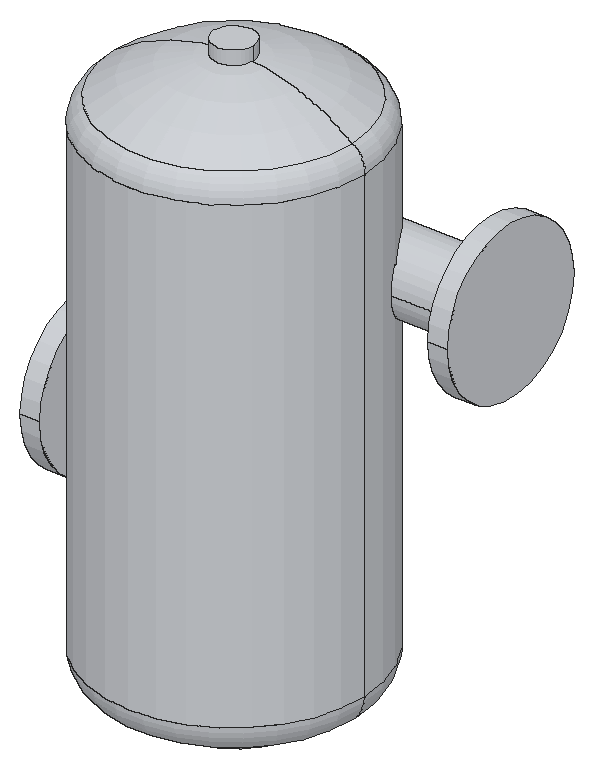
Revit family
Parameters (values of type "2.5-AS-L 125# W.P.")
  Weight = "70 lbs"
  Top to Inlet = 7.375"
  Top Connection Radius = 0.375"
  Top Connection Diameter = Top Connection Radius * 2  # 0.750"
  Tangential = yes
  Tank Height = 22.688"
  Tank Diameter = 10.000"
  Pipe Location off CL = 3.000"
  Outlet Pipe Flange Conn. Radius = Outlet Pipe Flange Conn / 2  # 1.250"
  Outlet Pipe Flange Conn = 2.500"
  Model = "2.5\"-AS-L"
  Pressure Drop = ".6"
  Max Operating Temp = "350 DEG F"
  Max Operating Pressure = "125 PSI"
  Manufacturer = "Amtrol"
  Inlet CL to Outlet CL = 8.000"
  Inlet Pipe Flange Conn = 2.500"
  Inlet Pipe Flange Conn. Radius = Inlet Pipe Flange Conn / 2  # 1.250"
  Flow (GPM) = "90"
  Flange to Flange Height = 16.313"
  CL to Outlet Flange = 8.156"
  Bottom Connection Radius = Bottom Connection Diameter / 2  # 0.375"
  Bottom Connection Diameter = 0.750"
  ASME = yes
Types (3): name | Max Operating Pressure
  (no name) | "125 PSI"
  2.5-AS-L 125# W.P. | "125 PSI"
  2.5-AS-L 150# W.P. 10 BAR | "150 PSI"
Reference planes (in)
  plane 1 "Center (Front/Back)": y = 0
  plane 2: z = 0
  plane 3 "Center (Left/Right)": x = 0
Forms (in)
  Revolve 1, solid
    sketch origin (0, 0, 0) x (1, 0, 0) y (0, 0, 1)
      loop
        line (0, 23.17548) -> (0, 0.48748)
        arc (0, 0.48748) -> (2.3562, 0.86066) -> (4.48177, 1.94366) r 7.625
        arc (4.48177, 1.94366) -> (4.85024, 2.37596) -> (5.00004, 2.92386) r 1.30442
        line (5.00004, 2.92386) -> (5.00004, 20.77392)
        arc (5.00004, 20.77392) -> (4.87779, 21.2809) -> (4.53792, 21.67644) r 1.11237
        arc (4.53792, 21.67644) -> (2.38955, 22.79102) -> (0, 23.17548) r 7.61816
      axis (0, 0.48748) -> (0, 23.17548)
    angle from 0 to 360
  Extrusion 2, solid
    sketch origin (0, 0, -1.34886) x (0, 1, 0) y (0, 0, 1)
      loop
        circle (3, 17.22591) r 1.44
    from 2.04863 to 7.4038
  Extrusion 3, solid
    sketch origin (1.57657, 0, 1.33708) x (0, 1, 0) y (0, 0, 1)
      loop
        circle (3, 6.56456) r 1.44
    from -8.98037 to -1.57657
  Extrusion 4, solid
    sketch origin (0, 0, 0) x (0, 1, 0) y (0, 0, 1)
      loop
        circle (3.00008, 15.9037) r 3
    from 7.4038 to 8.157
  Extrusion 5, solid
    sketch origin (0, 0, 0) x (0, 1, 0) y (0, 0, 1)
      loop
        circle (3, 7.96049) r 3
    from -7.4038 to -8.156
  Sweep 6, solid
    path origin (0, 0, 0) x (1, 0, 0) y (0, 0, 1)
      loop
        line (0, 23.1815) -> (0, 23.6875)
    profile origin (0, 0, 23.4345) x (-1, 0, 0) y (0, -1, 0)
      loop
        circle (0, 0) r 0.75
  Sweep 7, solid
    path origin (0, 0, 0) x (1, 0, 0) y (0, 0, 1)
      loop
        line (0, 0) -> (0, 0.5538)
    profile origin (0, 0, 0.2769) x (-1, 0, 0) y (0, -1, 0)
      loop
        circle (0, 0) r 0.75
Lines and regions (in)
  reference lines
    curve 1: line (8.65956, 0, 15.875) -> (0, 0, 15.875)
Text (in)
  text "INLET" at (11.05624, 0, 17.22368), in view "Front"
  text "OUTLET" at (-19.15084, 0, 8.92051), in view "Front"
Dimensions and locks (in)
  "Tank Height": Revolve 1 sketch curve to Revolve 1 sketch curve
  Revolve 1 sketch curve to Revolve 1 sketch curve = 6.50591"
  Revolve 1 sketch curve to level = 0.48748"
  "Pipe Location off CL": plane 1 "Center (Front/Back)" to Extrusion 2 sketch curve
  plane 1 "Center (Front/Back)" to Extrusion 3 sketch curve = 3.000"
  Extrusion 5 sketch curve to plane 1 "Center (Front/Back)" = 3.000"
  Extrusion 4 sketch curve to plane 1 "Center (Front/Back)" = 3.00008"
  "CL to Outlet Flange": Extrusion 5 to plane 3 "Center (Left/Right)"
  Revolve 1 sketch curve to Revolve 1 sketch curve = 5.00004"
  aligned and locked: plane 3 "Center (Left/Right)" to Extrusion 3
Automatic sketch dimensions
  level to Extrusion 2 sketch curve = 15.87705"
  level to Extrusion 3 sketch curve = 7.90165"
  curve 1 to plane 3 "Center (Left/Right)" = 0.000"
  curve 1 to curve 1 = 8.65956"
  level to Extrusion 4 sketch curve = 15.9037"
  level to Extrusion 5 sketch curve = 7.96049"
  Sweep 6 sketch curve to plane 3 "Center (Left/Right)" = 0.000"
  level to Sweep 6 sketch curve = 23.1815"
  Sweep 6 sketch curve to Sweep 6 sketch curve = 0.506"
  plane 1 "Center (Front/Back)" to Sweep 6 sketch curve = 0.000"
  Sweep 6 sketch curve to profile plane = 0.000"
  Sweep 7 sketch curve to plane 3 "Center (Left/Right)" = 0.000"
  Sweep 7 sketch curve to level = 0.000"
  level to Sweep 7 sketch curve = 0.5538"
  plane 1 "Center (Front/Back)" to Sweep 7 sketch curve = 0.000"
  Sweep 7 sketch curve to profile plane = 0.000"
  Revolve 1 sketch curve to plane 3 "Center (Left/Right)" = 0.000"  (x2)
  Revolve 1 sketch curve to Revolve 1 sketch curve = 1.30295"
  Revolve 1 sketch curve to Revolve 1 sketch curve = 1.11237"
  Revolve 1 sketch curve to Revolve 1 sketch curve = 0.51826"
  Revolve 1 sketch curve to Revolve 1 sketch curve = 0.65025"
  Revolve 1 sketch curve to level = 0.06771"
  level to Revolve 1 sketch curve = 1.94366"
  Revolve 1 sketch curve to Revolve 1 sketch curve = 0.9802"
  Revolve 1 sketch curve to Revolve 1 sketch curve = 2.01931"
  level to curve 1 = 15.875"
  radius of Extrusion 2 sketch curve = 1.440"
  radius of Extrusion 3 sketch curve = 1.440"
  radius of Extrusion 4 sketch curve = 3.000"
  radius of Extrusion 5 sketch curve = 3.000"
  radius of Sweep 6 sketch curve = 0.750"
  radius of Sweep 7 sketch curve = 0.750"
Connectors (in)
  piping at (8.157, 3.00008, 15.9037), driven by "Inlet Pipe Flange Conn. Radius"
    settings: on Extrusion 4, index 1
  piping at (0, 0, 23.6875), driven by "Top Connection Radius"
    settings: on Sweep 6, index 3
  piping at (-8.156, 3, 7.96049), driven by "Outlet Pipe Flange Conn. Radius"
    settings: on Extrusion 5, index 4
  piping at (0, 0, 0), driven by "Bottom Connection Radius"
    settings: on Sweep 7, index 5
